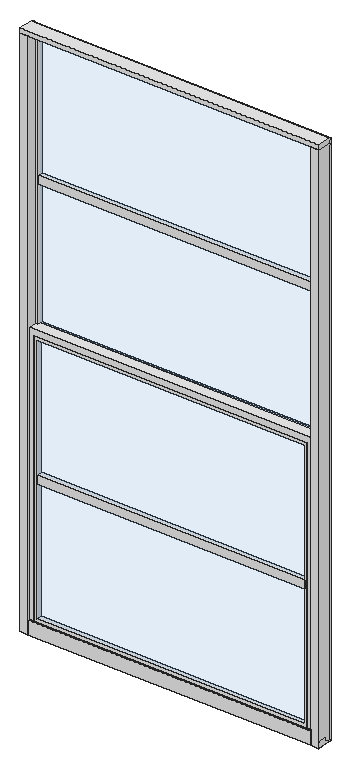
Revit family "Window_Curtain_Wall-Single_Hung-Traco-TR_9100-Heavy_Commercial", category Windows, Revit 2015
Parameters (values of type "TR-9100 - SH - Single Glazed")
  Window Width [instance] = if(CTRL Opening Width - Window Right Inset - Window Left Inset < Width Minimum, Width Minimum, if(CTRL Opening Width - Window Right Inset - Window Left Inset > Width Maximum, Width Maximum, CTRL Opening Width - Window Right Inset - Window Left Inset))  # 5' - 6 1/4"
  Window Top Inset [instance] = 0' - 0"
  Window Right Inset [instance] = 0' - 0"
  Window Muntin Type [instance] = Muntin-Grid-Traco-Lites : True
  Window Left Inset [instance] = 0' - 0"
  Window Height [instance] = if(CTRL Opening Height - Window Top Inset - Window Bottom Inset < Height Minimum, Height Minimum, if(CTRL Opening Height - Window Bottom Inset - Window Top Inset > Height Maximum, Height Maximum, CTRL Opening Height - Window Top Inset - Window Bottom Inset))  # 10' - 0"
  Window Bottom Inset [instance] = 0' - 0"
  Width Minimum = 2' - 0"
  Width Maximum = 10' - 0"
  Water Resistance = 15.0000 psf
  Uniform Load Structural = 75.0000 psf
  Uniform Load Deflection = 50.0000 psf
  URL = "http://www.alcoa.com/traco/en/home.asp"
  U Factor = ".45 Per NFRC 100"
  Type Comments = "Single Glazed"
  Test Size = "60\" X 99\""
  Sill Width = 0' - 3 1/2"
  Show Sill and Head [instance] = yes
  Screen Width [instance] = Window Width - (0' 1 3/4" * 2)  # 5' - 2 3/4"
  Screen Material = Aluminum - Traco - Screen
  Screen Height [instance] = CTRL Sash Bottom Height - (Rail Width / 2)  # 4' - 11"
  Sash Bottom Height [instance] = 1' - 6"
  Rail Width = 0' - 2"
  Product data url = "https://bimobject.com/kawneerna/product/91004"
  Product Page URL = "http://www.alcoa.com/traco/en/product.asp?cat_id=1905&prod_id=4193"
  Product Documentation Link = "http://www.alcoa.com/traco/cad/4193/010_CAD%20Files/010.pdf"
  Model = "TR-9100"
  Manufacturer = "Traco"  # constant formula
  Lite Top Height [instance] = 4' - 9.437"
  Keynote = "08500"
  Height Minimum = 2' - 0"
  Height Maximum = 10' - 0"
  Head Width = 0' - 1"
  Head Extension Right [instance] = 0' - 0"
  Head Extension Left [instance] = 0' - 0"
  Has Window Screen [instance] = no
  Has Unequal Sash [instance] = no
  Has Muntins = no
  Has Flange Frame = no
  Glazing Thickness = 0' - 0 1/4"
  Glazing Material = Glass - Traco - Clear
  Frame Material = Aluminum - Traco - Anodized - Gray
  Forced Entry Resistance = "TYPE A: GRADE 10"
  Designation = "AAMA/WDMA/CSA 101/I.S.2/A-440-05: H-AW50 And AAMA/WDMA/CSA 101/I.S.2/A-440-08: AW-PG50-H"
  Description = "Heavy Commercial, Single Hung, Side Load"  # constant formula
  Depth = 0' - 3 1/4"
  Copyright © = "2011 Traco"  # constant formula
  Condensation Resistance = 0.0000 psf
  CTRL Sash Bottom Height [instance] = if(Has Unequal Sash, Sash Bottom Height, Window Height / 2)  # 5' - 0"
  Interior Offset [instance] = 0' - 0"
  CTRL Opening Width [instance] = 5' - 6 1/4"
  CTRL Opening Height [instance] = 12' - 2"
  CTRL Head Right Extension [instance] = if(Has Flange Frame, 0' 0", Head Extension Right)  # 0' - 0"
  CTRL Head Left Extension [instance] = if(Has Flange Frame, 0' 0", Head Extension Left)  # 0' - 0"
  CTRL Flange Width = if(Has Flange Frame, 0' 2", 0' 0")  # 0' - 0"
  Exterior Offset [instance] = 0' - 0"
  Assembly Code = "B2020110"
  Allowable Air Infiltration Maximum = "0.3 @ 6.2 PSF"
Reference planes (in)
  plane 1 "Front": y = 0
  plane 2 "Original Ref. Plane": z = 0
  plane 3 "Center (Left/Right)": x = 0
  plane 4 "Left": x = -33.125
  plane 5 "Right": x = 33.125
  plane 6 "Top": z = 146
  plane 7 "Window Interior Offset": y = 0
  plane 8 "Window Center F/B": y = 0
  plane 9 "Exterior/Back": y = 1.625
  plane 10 "Interior/Front": y = -1.625
  plane 11 "Window Left": x = -33.125
  plane 12 "Window Right": x = 33.125
  plane 13 "Window Top": z = 120
  plane 14 "Flange Top": z = 120
  plane 15 "Head Bottom": z = 119
  plane 16 "Glass Pocket Bottom": z = 118.437
  plane 17 "Meeting Rail Center T/B": z = 60
  plane 18 "Meeting Rail Top": z = 61
  plane 19 "Meeting Rail Bottom": z = 59
  plane 20 "Top Muntin Center T/B": z = 89.7185
  plane 21 "Bottom Muntin Center T/B": z = 31.25
  plane 22 "Bottom Sash Glass B": z = 3.5
  plane 23 "Sash Frame Bottom": z = 2.937
  plane 24 "Bottom Glass Interior": y = -0.861
  plane 25 "Bottom Glass Exterior": y = -0.611
  plane 26 "Top Glass Exterior": y = 1.098
  plane 27 "Top Glass Interior": y = 0.848
  plane 28 "Frame Left": x = -31.3648
  plane 29 "Frame Right": x = 31.3648
  plane 30 "Flange Bottom": z = 0
  plane 31 "Flange Right": x = 33.125
  plane 32 "Flange Left": x = -33.125
  plane 33 "Flange Thickness": y = 1.5625
  plane 34 "Sill Slope Bottom": z = 0.24
  plane 35 "Sill Slope Top": z = 0.6811
  plane 36 "Sill Top": z = 1.3611
  plane 37 "Bottom Sash Exterior": y = 0.155
  plane 38 "Frame Right Inset": x = 29.75
  plane 39 "Frame Left Inset": x = -29.75
  plane 40 "Bottom Glass Interior Offset": y = -1.361
  plane 41 "Bottom Glass Exterior Offset": y = -0.111
  plane 42 "Top Glass Exterior Offset": y = 1.598
  plane 43 "Top Glass Interior Offset": y = 0.348
  plane 44 "Bottom Glass T": z = 59.563
  plane 45 "Top Glass B": z = 60.437
  plane 46 "Top Frame Right Inset": x = 30.8018
  plane 47 "Top Frame Left Inset": x = -30.8018
  plane 48 "Bottom Frame Right Inset": x = 30.313
  plane 49 "Bottom Frame Left Inset": x = -30.313
  plane 50 "Top Glass Center F/B": y = 0.973
  plane 51 "Bottom Glass Center F/B": y = -0.736
  plane 52 "Sill/Head Left Extension": x = -33.125
  plane 53 "Sill/Head Right Extension": x = 33.125
  plane 54 "Interior/Front Inset": y = -1.5625
  plane 55 "Window Bottom": z = 0
  plane 56 "Window Center (Left/Right)": x = 0
Forms (in)
  Sweep 1, solid, material "Aluminum - Traco - Anodized - Gray" <- "Frame Material"
    path origin (0, 0, 0.125) x (-1, 0, 0) y (0, 0, 1)
      loop
        line (0, -0.125) -> (0, 118.875)
    profile origin (0, 0, 59.5) x (1, 0, 0) y (0, 1, 0)
      loop
        line (-31.3648, -1.625) -> (-31.3648, 1.5625) -> (-33.125, 1.5625) -> (-33.125, -1.625) -> (-31.3648, -1.625)
      loop
        line (31.3648, -1.625) -> (33.125, -1.625) -> (33.125, 1.5625) -> (31.3648, 1.5625) -> (31.3648, -1.625)
  Sweep 2, solid, material "Aluminum - Traco - Anodized - Gray" <- "Frame Material"
    path origin (0, 0, 0) x (-1, 0, 0) y (0, 0, 1)
      loop
        line (-33.125, 0.24) -> (33.125, 0.24)
    profile origin (0, 0, 0.24) x (0, 0, 1) y (0, 1, 0)
      loop
        line (1.1211, -1.5625) -> (1.1211, 0.155) -> (0.4411, 0.155) -> (0.01875, 1.5625) -> (-0.24, 1.5625) -> (-0.24, -1.5625) -> (1.1211, -1.5625)
  Sweep 3, solid, material "Aluminum - Traco - Anodized - Gray" <- "Frame Material"
    path origin (-1.19115, 0, 71.94551) x (-1, 0, 0) y (0, 0, 1)
      loop
        line (-34.31615, 47.05449) -> (31.93385, 47.05449)
    profile origin (0, 0, 119) x (0, 0, 1) y (0, 1, 0)
      loop
        line (0, 1.5625) -> (0, -1.625) -> (1, -1.625) -> (1, 1.5625) -> (0, 1.5625)
  Sweep 4, solid, material "Aluminum - Traco - Anodized - Gray" <- "Frame Material"
    path origin (3.54143, 0, -0.40863) x (1, 0, 0) y (0, 0, 1)
      loop
        line (-3.54143, 0.64863) -> (-3.54143, 119.40863)
    profile origin (0, 0, 59.62) x (-1, 0, 0) y (0, -1, 0)
      loop
        line (31.3648, -1.5625) -> (31.3648, -1.625) -> (33.125, -1.625) -> (33.125, -1.5625) -> (31.3648, -1.5625)
      loop
        line (-31.3648, -1.5625) -> (-33.125, -1.5625) -> (-33.125, -1.625) -> (-31.3648, -1.625) -> (-31.3648, -1.5625)
  Sweep 5, solid, material "Aluminum - Traco - Anodized - Gray" <- "Frame Material", visible <- "Show Sill and Head"
    path origin (-0.2639, 0, -1.58341) x (-1, 0, 0) y (0, 0, 1)
      loop
        line (-33.3889, 1.58341) -> (32.8611, 1.58341)
    profile origin (0, 0, 0) x (0, 0, 1) y (0, 1, 0)
      loop
        line (0, 1.625) -> (0, 1.5625) -> (0.25875, 1.5625) -> (0.24, 1.625) -> (0, 1.625)
  Sweep 6, solid, material "Aluminum - Traco - Anodized - Gray" <- "Frame Material", visible <- "Show Sill and Head"
    path origin (-1.31088, 0, 70.30922) x (-1, 0, 0) y (0, 0, 1)
      loop
        line (-34.43588, 49.69078) -> (31.81412, 49.69078)
    profile origin (0, 0, 120) x (0, 0, 1) y (0, 1, 0)
      loop
        line (-1, 1.625) -> (-1, 1.5625) -> (0, 1.5625) -> (0, 1.625) -> (-1, 1.625)
  Sweep 7, solid, material "Aluminum - Traco - Anodized - Gray" <- "Frame Material"
    path origin (-0.05903, 0, 2.24309) x (-1, 0, 0) y (0, 0, 1)
      loop
        line (-31.42383, 0.69391) -> (31.30577, 0.69391)
    profile origin (0, 0, 2.937) x (0, 0, 1) y (0, 1, 0)
      loop
        line (-1.5759, 0.155) -> (-1.5759, -1.5625) -> (0, -1.5625) -> (0, 0.155) -> (-1.5759, 0.155)
  Sweep 8, solid, material "Aluminum - Traco - Anodized - Gray" <- "Frame Material", detail levels medium+fine
    path origin (0, -1.361, 0) x (-1, 0, 0) y (0, 0, 1)
      loop
        line (-29.75, 3.5) -> (29.75, 3.5) -> (29.75, 59) -> (-29.75, 59) -> (-29.75, 3.5)
    profile origin (0, -1.361, 3.5) x (0, 0, 1) y (0, 1, 0)
      loop
        line (-0.563, 0) -> (0, 0) -> (0, 1.25) -> (-0.563, 1.25) -> (-0.563, 0)
  Extrusion 9, solid, material "Glass - Traco - Clear" <- "Glazing Material"
    sketch origin (0, 0, 0) x (1, 0, 0) y (0, 0, 1)
      loop
        line (31.3648, 59.563) -> (-31.3648, 59.563) -> (-31.3648, 2.937) -> (31.3648, 2.937) -> (31.3648, 59.563)
    from 0.611 to 0.861
  Sweep 10, solid, material "Aluminum - Traco - Anodized - Gray" <- "Frame Material", detail levels medium+fine
    path origin (0, 1.598, 0) x (-1, 0, 0) y (0, 0, 1)
      loop
        line (-30.8018, 61) -> (-30.8018, 118.437) -> (30.8018, 118.437) -> (30.8018, 61)
    profile origin (0, 1.598, 118.437) x (0, 0, 1) y (0, 1, 0)
      loop
        line (0, -1.25) -> (0.563, -1.25) -> (0.563, 0) -> (0, 0) -> (0, -1.25)
  Extrusion 11, solid, material "Glass - Traco - Clear" <- "Glazing Material"
    sketch origin (-3, 0, 39) x (1, 0, 0) y (0, 0, 1)
      loop
        line (34.3648, 80) -> (-28.3648, 80) -> (-28.3648, 22) -> (34.3648, 22) -> (34.3648, 80)
    from -1.098 to -0.848
  Sweep 12, solid, material "Aluminum - Traco - Anodized - Gray" <- "Frame Material"
    path origin (0, 0, 0) x (1, 0, 0) y (0, 0, 1)
      loop
        line (31.3648, 60) -> (-31.3648, 60)
    profile origin (0, 0, 60) x (0, 0, -1) y (0, -1, 0)
      loop
        line (-1, 1.361) -> (-1, -1.598) -> (1, -1.598) -> (1, 0.111) -> (0.437, 0.111) -> (0.437, 1.361) -> (-1, 1.361)
  Sweep 13, solid, material "Aluminum - Traco - Anodized - Gray" <- "Frame Material"
    path origin (0.15765, 0, -0.40863) x (1, 0, 0) y (0, 0, 1)
      loop
        line (-0.15765, 1.76973) -> (-0.15765, 59.97163)
    profile origin (0, 0, 30.46205) x (-1, 0, 0) y (0, -1, 0)
      loop
        line (30.313, 1.361) -> (30.313, -0.155) -> (31.3648, -0.155) -> (31.3648, 1.361) -> (30.313, 1.361)
      loop
        line (-30.313, 1.361) -> (-31.3648, 1.361) -> (-31.3648, -0.155) -> (-30.313, -0.155) -> (-30.313, 1.361)
  Sweep 14, solid, material "Aluminum - Traco - Anodized - Gray" <- "Frame Material"
    path origin (0, 0, -0.00501) x (-1, 0, 0) y (0, 0, 1)
      loop
        line (-31.3648, 2.94201) -> (31.3648, 2.94201)
    profile origin (0, 0, 2.937) x (0, 0, 1) y (0, 1, 0)
      loop
        line (0, -1.625) -> (0, -1.5625) -> (-2.937, -1.5625) -> (-2.937, -1.625) -> (0, -1.625)
Cuts and joins
  joined: Sweep 7, Sweep 12, Sweep 13
  joined: Sweep 2, Sweep 14
Lines and regions (in)
  Masking region 1
    outline origin (0, 0, 0) x (-1, 0, 0) y (0, 0, 1)
      loop
        line (-33.125, 119) -> (-33.125, 0.24) -> (-31.3648, 0.24) -> (-31.3648, 119) -> (-33.125, 119)
      loop
        line (31.3648, 0.24) -> (33.125, 0.24) -> (33.125, 119) -> (31.3648, 119) -> (31.3648, 0.24)
  Masking region 2, visible <- "Show Sill and Head"
    outline origin (0, 0, 0) x (-1, 0, 0) y (0, 0, 1)
      loop
        line (-33.125, 120) -> (-33.125, 119) -> (33.125, 119) -> (33.125, 120) -> (-33.125, 120)
      loop
        line (33.125, 0) -> (33.125, 0.24) -> (-33.125, 0.24) -> (-33.125, 0) -> (33.125, 0)
  Masking region 3
    outline origin (0, 0, 0) x (-1, 0, 0) y (0, 0, 1)
      loop
        line (-31.3648, 61) -> (-31.3648, 59) -> (31.3648, 59) -> (31.3648, 61) -> (-31.3648, 61)
  Masking region 4
    outline origin (0, -1.361, 0) x (-1, 0, 0) y (0, 0, 1)
      loop
        line (-30.313, 2.937) -> (-30.313, 59.563) -> (-31.3648, 59.563) -> (-31.3648, 2.937) -> (-30.313, 2.937)
      loop
        line (30.313, 2.937) -> (31.3648, 2.937) -> (31.3648, 59.563) -> (30.313, 59.563) -> (30.313, 2.937)
  Masking region 5, detail levels medium+fine
    outline origin (0, -0.861, 0) x (-1, 0, 0) y (0, 0, 1)
      loop
        line (-30.313, 59.563) -> (-30.313, 2.937) -> (30.313, 2.937) -> (30.313, 59.563) -> (-30.313, 59.563)
      loop
        line (-29.75, 59) -> (-29.75, 3.5) -> (29.75, 3.5) -> (29.75, 59) -> (-29.75, 59)
  Masking region 6
    outline origin (0, -1.625, 0) x (-1, 0, 0) y (0, 0, 1)
      loop
        line (-31.3648, 2.937) -> (-31.3648, 0.24) -> (31.3648, 0.24) -> (31.3648, 2.937) -> (-31.3648, 2.937)
  Masking region 7, detail levels medium+fine
    outline origin (0, 1.098, 0) x (-1, 0, 0) y (0, 0, 1)
      loop
        line (-31.3648, 119) -> (-31.3648, 60.437) -> (31.3648, 60.437) -> (31.3648, 119) -> (-31.3648, 119)
      loop
        line (-30.8018, 118.437) -> (-30.8018, 61) -> (30.8018, 61) -> (30.8018, 118.437) -> (-30.8018, 118.437)
  Masking region 8
    outline origin (0, 0.848, 0) x (-1, 0, 0) y (0, 0, 1)
      loop
        line (31.3648, 60.437) -> (31.3648, 119) -> (-31.3648, 119) -> (-31.3648, 60.437) -> (31.3648, 60.437)
  Masking region 9
    outline origin (0, -0.611, 0) x (-1, 0, 0) y (0, 0, 1)
      loop
        line (30.313, 2.937) -> (30.313, 59.563) -> (-30.313, 59.563) -> (-30.313, 2.937) -> (30.313, 2.937)
  Masking region 10
    outline origin (0, 0, 0) x (0, 1, 0) y (0, 0, 1)
      loop
        line (1.625, 0) -> (1.625, 120) -> (-1.625, 120) -> (-1.625, 0) -> (1.625, 0)
  Masking region 11
    outline origin (0, 0, 60) x (1, 0, 0) y (0, 1, 0)
      loop
        line (33.125, -1.625) -> (33.125, 1.625) -> (-33.125, 1.625) -> (-33.125, -1.625) -> (33.125, -1.625)
  Split face 1
    outline origin (31.3648, 1.598, 61) x (-1, 0, 0) y (0, -1, 0)
      loop
        line (62.7296, 0.75) -> (0, 0.75)
      loop
        line (62.7296, 1.25) -> (0, 1.25)
  symbolic lines, style "WindowsFrameMullionProjection", detail levels medium+fine
    curve 1: line (29.75, -0.611, 59) -> (29.75, -0.611, 3.5)
    curve 2: line (29.75, -0.611, 3.5) -> (-29.75, -0.611, 3.5)
    curve 3: line (-29.75, -0.611, 3.5) -> (-29.75, -0.611, 59)
  symbolic lines, style "WindowsSillHeadProjection"
    curve 4: line (0, -1.625, 120) -> (0, 1.625, 120)
    curve 5: line (0, -1.625, 119) -> (0, -1.625, 120)
    curve 6: line (0, 1.625, 119) -> (0, -1.625, 119)
    curve 7: line (0, 1.625, 120) -> (0, 1.625, 119)
    curve 8: line (0, -1.625, 2.937) -> (0, 0.155, 2.937)
    curve 9: line (0, 0.155, 2.937) -> (0, 0.155, 0.6811)
    curve 10: line (0, 0.155, 0.6811) -> (0, 1.625, 0.24)
    curve 11: line (0, 1.625, 0.24) -> (0, 1.625, 0)
    curve 12: line (0, 1.625, 0) -> (0, -1.625, 0)
    curve 13: line (0, -1.625, 0) -> (0, -1.625, 2.937)
  symbolic lines, style "WindowsGlassProjection", detail levels medium+fine
    curve 14: line (0, 0.848, 119) -> (0, 0.848, 60.437)
    curve 15: line (0, 1.098, 119) -> (0, 1.098, 60.437)
    curve 16: line (0, -0.861, 59.563) -> (0, -0.861, 2.937)
    curve 17: line (0, -0.611, 59.563) -> (0, -0.611, 2.937)
    curve 52: line (31.3648, 1.098, 60) -> (-31.3648, 1.098, 60)
    curve 53: line (-31.3648, 0.848, 60) -> (31.3648, 0.848, 60)
    curve 55: line (30.313, -0.611, 60) -> (-30.313, -0.611, 60)
    curve 56: line (-30.313, -0.861, 60) -> (30.313, -0.861, 60)
  symbolic lines, style "WindowsGlassProjection", detail levels coarse
    curve 18: line (0, 0.973, 119) -> (0, 0.973, 60.437)
    curve 19: line (0, -0.736, 59.563) -> (0, -0.736, 2.937)
    curve 54: line (-31.3648, 0.973, 60) -> (31.3648, 0.973, 60)
    curve 57: line (-30.313, -0.736, 60) -> (30.313, -0.736, 60)
  symbolic lines, style "WindowsFrameMullionProjection", detail levels fine
    curve 20: line (0, -1.361, 59.563) -> (0, -1.361, 59)
    curve 21: line (0, -1.361, 59) -> (0, -0.861, 59)
    curve 22: line (0, -0.611, 59) -> (0, -0.111, 59)
    curve 23: line (0, -0.111, 59) -> (0, -0.111, 59.563)
    curve 24: line (0, 0.348, 60.437) -> (0, 0.348, 61)
    curve 25: line (0, 0.348, 61) -> (0, 0.848, 61)
    curve 26: line (0, 1.098, 61) -> (0, 1.598, 61)
    curve 27: line (0, 1.598, 61) -> (0, 1.598, 60.437)
    curve 28: line (0, 0.348, 119) -> (0, 0.348, 118.437)
    curve 29: line (0, 0.348, 118.437) -> (0, 0.848, 118.437)
    curve 30: line (0, 1.098, 118.437) -> (0, 1.598, 118.437)
    curve 31: line (0, 1.598, 118.437) -> (0, 1.598, 119)
    curve 32: line (0, -1.361, 2.937) -> (0, -1.361, 3.5)
    curve 33: line (0, -1.361, 3.5) -> (0, -0.861, 3.5)
    curve 34: line (0, -0.611, 3.5) -> (0, -0.111, 3.5)
    curve 35: line (0, -0.111, 3.5) -> (0, -0.111, 2.937)
    curve 58: line (-31.3648, 1.598, 60) -> (-30.8018, 1.598, 60)
    curve 59: line (-30.8018, 1.598, 60) -> (-30.8018, 1.098, 60)
    curve 60: line (-31.3648, 0.348, 60) -> (-30.8018, 0.348, 60)
    curve 61: line (-30.8018, 0.348, 60) -> (-30.8018, 0.848, 60)
    curve 62: line (31.3648, 0.348, 60) -> (30.8018, 0.348, 60)
    curve 63: line (30.8018, 0.348, 60) -> (30.8018, 0.848, 60)
    curve 64: line (31.3648, 1.598, 60) -> (30.8018, 1.598, 60)
    curve 65: line (30.8018, 1.598, 60) -> (30.8018, 1.098, 60)
    curve 70: line (-30.313, -0.111, 60) -> (-29.75, -0.111, 60)
    curve 71: line (-29.75, -0.111, 60) -> (-29.75, -0.611, 60)
    curve 72: line (-30.313, -1.361, 60) -> (-29.75, -1.361, 60)
    curve 73: line (-29.75, -1.361, 60) -> (-29.75, -0.861, 60)
    curve 78: line (30.313, -0.111, 60) -> (29.75, -0.111, 60)
    curve 79: line (29.75, -0.111, 60) -> (29.75, -0.611, 60)
    curve 80: line (30.313, -1.361, 60) -> (29.75, -1.361, 60)
    curve 81: line (29.75, -1.361, 60) -> (29.75, -0.861, 60)
  symbolic lines, style "WindowsFrameMullionProjection"
    curve 36: line (0, -1.361, 61) -> (0, 0.348, 61)
    curve 37: line (0, 0.348, 61) -> (0, 0.348, 60.437)
    curve 38: line (0, 0.348, 60.437) -> (0, 1.598, 60.437)
    curve 39: line (0, 1.598, 60.437) -> (0, 1.598, 59)
    curve 40: line (0, 1.598, 59) -> (0, -0.111, 59)
    curve 41: line (0, -0.111, 59) -> (0, -0.111, 59.563)
    curve 42: line (0, -0.111, 59.563) -> (0, -1.361, 59.563)
    curve 43: line (0, -1.361, 59.563) -> (0, -1.361, 61)
    curve 44: line (-31.3648, -1.625, 60) -> (-33.125, -1.625, 60)
    curve 45: line (-31.3648, 1.625, 60) -> (-31.3648, -1.625, 60)
    curve 46: line (-33.125, 1.625, 60) -> (-31.3648, 1.625, 60)
    curve 47: line (-33.125, -1.625, 60) -> (-33.125, 1.625, 60)
    curve 48: line (33.125, -1.625, 60) -> (31.3648, -1.625, 60)
    curve 49: line (33.125, 1.625, 60) -> (33.125, -1.625, 60)
    curve 50: line (31.3648, 1.625, 60) -> (33.125, 1.625, 60)
    curve 51: line (31.3648, -1.625, 60) -> (31.3648, 1.625, 60)
    curve 66: line (-30.313, -1.361, 60) -> (-31.3648, -1.361, 60)
    curve 67: line (-30.313, 0, 60) -> (-30.313, -1.361, 60)
    curve 68: line (-31.3648, 0, 60) -> (-30.313, 0, 60)
    curve 69: line (-31.3648, -1.361, 60) -> (-31.3648, 0, 60)
    curve 74: line (30.313, -1.361, 60) -> (31.3648, -1.361, 60)
    curve 75: line (30.313, 0, 60) -> (30.313, -1.361, 60)
    curve 76: line (31.3648, 0, 60) -> (30.313, 0, 60)
    curve 77: line (31.3648, -1.361, 60) -> (31.3648, 0, 60)
  symbolic lines, style "WindowsOpeningProjection", detail levels fine
    curve 82: line (0, 0, 26.375) -> (0, 0, 36.125)
    curve 83: line (0, 0, 36.125) -> (1, 0, 34.39295)
    curve 84: line (0, 0, 36.125) -> (-1, 0, 34.39295)
Text (in)
  text "Exterior" at (-54.29358, 31.38743, 0), in view "Ref. Level"
  text "Exterior" at (480, 41.53993, 89.60405), in view "Right"
  text "Exterior" at (-240, 57.82419, 105.78864), in view "Left"
Dimensions and locks (in)
  equal spacing: plane 4 "Left", plane 3 "Center (Left/Right)", plane 5 "Right"
  "Interior Offset": plane 7 "Window Interior Offset" to plane 1 "Front"
  "Exterior Offset": plane 8 "Window Center F/B" to plane 7 "Window Interior Offset"
  equal spacing: plane 9 "Exterior/Back", plane 8 "Window Center F/B", plane 10 "Interior/Front"
  "Depth": plane 9 "Exterior/Back" to plane 10 "Interior/Front"
  "Head Width": plane 15 "Head Bottom" to plane 13 "Window Top"
  locked: plane 16 "Glass Pocket Bottom" to plane 15 "Head Bottom" at 0.563
  equal spacing: plane 19 "Meeting Rail Bottom", plane 17 "Meeting Rail Center T/B", plane 18 "Meeting Rail Top"
  equal spacing: plane 18 "Meeting Rail Top", plane 20 "Top Muntin Center T/B", plane 16 "Glass Pocket Bottom"
  "Glazing Thickness": plane 24 "Bottom Glass Interior" to plane 25 "Bottom Glass Exterior"
  "Glazing Thickness": plane 27 "Top Glass Interior" to plane 26 "Top Glass Exterior"
  "Rail Width": plane 19 "Meeting Rail Bottom" to plane 18 "Meeting Rail Top"
  locked: plane 29 "Frame Right" to plane 12 "Window Right" at 1.7602
  locked: plane 11 "Window Left" to plane 28 "Frame Left" at 1.7602
  "CTRL Flange Width": plane 12 "Window Right" to plane 31 "Flange Right"
  "CTRL Flange Width": plane 32 "Flange Left" to plane 11 "Window Left"
  "CTRL Flange Width": plane 30 "Flange Bottom" to plane 55 "Window Bottom"
  locked: plane 9 "Exterior/Back" to plane 33 "Flange Thickness" at 0.0625
  locked: plane 55 "Window Bottom" to plane 34 "Sill Slope Bottom" at 0.24
  locked: plane 34 "Sill Slope Bottom" to plane 35 "Sill Slope Top" at 0.4411
  locked: plane 35 "Sill Slope Top" to plane 36 "Sill Top" at 0.68
  "Sill Width": plane 55 "Window Bottom" to plane 22 "Bottom Sash Glass B"
  locked: plane 38 "Frame Right Inset" to plane 12 "Window Right" at 3.375
  locked: plane 11 "Window Left" to plane 39 "Frame Left Inset" at 3.375
  locked: plane 23 "Sash Frame Bottom" to plane 22 "Bottom Sash Glass B" at 0.563
  locked: plane 44 "Bottom Glass T" to plane 19 "Meeting Rail Bottom" at 0.563
  locked: plane 18 "Meeting Rail Top" to plane 45 "Top Glass B" at 0.563
  locked: plane 46 "Top Frame Right Inset" to plane 29 "Frame Right" at 0.563
  locked: plane 28 "Frame Left" to plane 47 "Top Frame Left Inset" at 0.563
  "CTRL Sash Bottom Height": plane 55 "Window Bottom" to plane 17 "Meeting Rail Center T/B"
  equal spacing: plane 22 "Bottom Sash Glass B", plane 21 "Bottom Muntin Center T/B", plane 19 "Meeting Rail Bottom"
  locked: plane 38 "Frame Right Inset" to plane 48 "Bottom Frame Right Inset" at 0.563
  locked: plane 49 "Bottom Frame Left Inset" to plane 39 "Frame Left Inset" at 0.563
  locked: plane 10 "Interior/Front" to plane 51 "Bottom Glass Center F/B" at 0.889
  locked: plane 50 "Top Glass Center F/B" to plane 9 "Exterior/Back" at 0.652
  equal spacing: plane 27 "Top Glass Interior", plane 50 "Top Glass Center F/B", plane 26 "Top Glass Exterior"
  equal spacing: plane 24 "Bottom Glass Interior", plane 51 "Bottom Glass Center F/B", plane 25 "Bottom Glass Exterior"
  plane 40 "Bottom Glass Interior Offset" to plane 51 "Bottom Glass Center F/B" to plane 41 "Bottom Glass Exterior Offset" = 0' - 0 5/8" locked, 0' - 0 5/8" locked
  plane 43 "Top Glass Interior Offset" to plane 50 "Top Glass Center F/B" to plane 42 "Top Glass Exterior Offset" = 0' - 0 5/8" locked, 0' - 0 5/8" locked
  locked: plane 10 "Interior/Front" to plane 37 "Bottom Sash Exterior" at 1.78
  "CTRL Head Right Extension": plane 31 "Flange Right" to plane 53 "Sill/Head Right Extension"
  "CTRL Head Left Extension": plane 52 "Sill/Head Left Extension" to plane 32 "Flange Left"
  locked: plane 10 "Interior/Front" to plane 54 "Interior/Front Inset" at 0.0625
  "Window Right Inset": plane 12 "Window Right" to plane 5 "Right"
  "Window Bottom Inset": plane 2 "Original Ref. Plane" to plane 55 "Window Bottom"
  "CTRL Flange Width": plane 13 "Window Top" to plane 14 "Flange Top"
  "CTRL Opening Height": plane 2 "Original Ref. Plane" to plane 6 "Top"
  "CTRL Opening Width": plane 4 "Left" to plane 5 "Right"
  plane 6 "Top" to Extrusion 11 = 2' - 3"
  plane 22 "Bottom Sash Glass B" to plane 19 "Meeting Rail Bottom" = 4' - 7 1/2"
  "Window Height": plane 55 "Window Bottom" to plane 13 "Window Top"
  "Lite Top Height": plane 18 "Meeting Rail Top" to plane 16 "Glass Pocket Bottom"
  "Window Width": plane 11 "Window Left" to plane 12 "Window Right"
  equal spacing: plane 11 "Window Left", plane 56 "Window Center (Left/Right)", plane 12 "Window Right"
  curve 82 to plane 21 "Bottom Muntin Center T/B" to curve 82 = 0' - 4 7/8" locked, 0' - 4 7/8" locked
  aligned and locked: level to plane 2 "Original Ref. Plane"
  aligned and locked: Sweep 1 sketch curve to plane 3 "Center (Left/Right)"
  aligned: plane 15 "Head Bottom" to Sweep 1 sketch curve
  aligned and locked: plane 33 "Flange Thickness" to Sweep 1 sketch curve
  aligned and locked: plane 11 "Window Left" to Sweep 1 sketch curve
  aligned and locked: Sweep 1 sketch curve to plane 28 "Frame Left"
  aligned and locked: Sweep 1 sketch curve to plane 10 "Interior/Front"
  aligned and locked: plane 12 "Window Right" to Sweep 1 sketch curve
  aligned and locked: Sweep 1 sketch curve to plane 29 "Frame Right"
  aligned and locked: plane 10 "Interior/Front" to Sweep 1 sketch curve
  aligned and locked: Sweep 1 sketch curve to plane 33 "Flange Thickness"
  aligned and locked: Sweep 2 sketch curve to plane 34 "Sill Slope Bottom"
  aligned and locked: plane 11 "Window Left" to Sweep 2 sketch curve
  aligned and locked: plane 12 "Window Right" to Sweep 2 sketch curve
  aligned and locked: plane 37 "Bottom Sash Exterior" to Sweep 2 sketch curve
  aligned and locked: plane 36 "Sill Top" to Sweep 2 sketch curve
  aligned and locked: Sweep 2 sketch curve to plane 35 "Sill Slope Top"
  aligned and locked: plane 11 "Window Left" to Sweep 3 sketch curve
  aligned and locked: plane 12 "Window Right" to Sweep 3 sketch curve
  aligned and locked: Sweep 3 sketch curve to plane 15 "Head Bottom"
  aligned and locked: plane 10 "Interior/Front" to Sweep 3 sketch curve
  aligned and locked: plane 15 "Head Bottom" to Sweep 3 sketch curve
  aligned and locked: Sweep 3 sketch curve to plane 33 "Flange Thickness"
  aligned and locked: Sweep 4 sketch curve to plane 3 "Center (Left/Right)"
  aligned and locked: plane 34 "Sill Slope Bottom" to Sweep 4 sketch curve
  aligned and locked: plane 9 "Exterior/Back" to Sweep 4 sketch curve
  aligned and locked: plane 29 "Frame Right" to Sweep 4 sketch curve
  aligned and locked: Sweep 4 sketch curve to plane 33 "Flange Thickness"
  aligned and locked: Sweep 4 sketch curve to plane 9 "Exterior/Back"
  aligned and locked: plane 33 "Flange Thickness" to Sweep 4 sketch curve
  aligned and locked: plane 28 "Frame Left" to Sweep 4 sketch curve
  aligned and locked: plane 15 "Head Bottom" to Sweep 4 sketch curve
  aligned and locked: Sweep 4 sketch curve to plane 32 "Flange Left"
  aligned and locked: Sweep 4 sketch curve to plane 31 "Flange Right"
  aligned and locked: Sweep 2 sketch curve to plane 33 "Flange Thickness"
  aligned and locked: Sweep 5 sketch curve to plane 30 "Flange Bottom"
  aligned and locked: Sweep 5 sketch curve to Sweep 2
  aligned and locked: plane 34 "Sill Slope Bottom" to Sweep 5 sketch curve
  aligned and locked: plane 33 "Flange Thickness" to Sweep 5 sketch curve  (x2)
  aligned and locked: Sweep 5 sketch curve to plane 9 "Exterior/Back"
  aligned and locked: plane 30 "Flange Bottom" to Sweep 5 sketch curve
  aligned and locked: Sweep 6 sketch curve to plane 14 "Flange Top"  (x2)
  aligned and locked: Sweep 6 sketch curve to plane 9 "Exterior/Back"
  aligned and locked: plane 15 "Head Bottom" to Sweep 6 sketch curve
  aligned and locked: plane 33 "Flange Thickness" to Sweep 6 sketch curve
  aligned and locked: Sweep 7 sketch curve to plane 23 "Sash Frame Bottom"  (x2)
  aligned and locked: Sweep 7 sketch curve to plane 37 "Bottom Sash Exterior"
  aligned and locked: plane 36 "Sill Top" to Sweep 7 sketch curve
  aligned and locked: Sweep 8 sketch curve to plane 22 "Bottom Sash Glass B"  (x2)
  aligned and locked: Sweep 8 sketch curve to plane 41 "Bottom Glass Exterior Offset"
  aligned and locked: plane 23 "Sash Frame Bottom" to Sweep 8 sketch curve
  aligned and locked: plane 40 "Bottom Glass Interior Offset" to Sweep 8 sketch curve
  aligned and locked: plane 23 "Sash Frame Bottom" to Extrusion 9 sketch curve
  aligned and locked: Extrusion 9 sketch curve to plane 28 "Frame Left"
  aligned and locked: plane 29 "Frame Right" to Extrusion 9 sketch curve
  aligned and locked: Extrusion 9 to plane 24 "Bottom Glass Interior"
  aligned and locked: plane 25 "Bottom Glass Exterior" to Extrusion 9
  aligned and locked: Sweep 8 sketch curve to plane 38 "Frame Right Inset"
  aligned and locked: plane 39 "Frame Left Inset" to Sweep 8 sketch curve
  aligned and locked: plane 19 "Meeting Rail Bottom" to Sweep 8 sketch curve
  aligned and locked: Sweep 8 to Extrusion 9
  aligned and locked: Sweep 10 sketch curve to plane 16 "Glass Pocket Bottom"  (x2)
  aligned and locked: plane 15 "Head Bottom" to Sweep 10 sketch curve
  aligned and locked: profile plane to Sweep 10 sketch curve
  aligned and locked: Sweep 10 sketch curve to plane 43 "Top Glass Interior Offset"
  aligned and locked: Extrusion 11 sketch curve to plane 15 "Head Bottom"
  aligned and locked: Extrusion 11 sketch curve to plane 28 "Frame Left"
  aligned and locked: plane 29 "Frame Right" to Extrusion 11 sketch curve
  aligned and locked: plane 26 "Top Glass Exterior" to Extrusion 11
  aligned and locked: Extrusion 11 to plane 27 "Top Glass Interior"
  aligned and locked: plane 28 "Frame Left" to Sweep 12 sketch curve
  aligned and locked: plane 29 "Frame Right" to Sweep 12 sketch curve
  aligned and locked: Sweep 12 sketch curve to plane 17 "Meeting Rail Center T/B"
  aligned and locked: plane 40 "Bottom Glass Interior Offset" to Sweep 12 sketch curve
  aligned and locked: Sweep 12 sketch curve to plane 18 "Meeting Rail Top"
  aligned and locked: Sweep 12 sketch curve to plane 42 "Top Glass Exterior Offset"
  aligned and locked: plane 19 "Meeting Rail Bottom" to Sweep 12 sketch curve
  aligned and locked: plane 41 "Bottom Glass Exterior Offset" to Sweep 12 sketch curve
  aligned and locked: plane 44 "Bottom Glass T" to Sweep 12 sketch curve
  aligned and locked: plane 46 "Top Frame Right Inset" to Sweep 10 sketch curve
  aligned and locked: Sweep 10 sketch curve to plane 47 "Top Frame Left Inset"
  aligned and locked: plane 36 "Sill Top" to Sweep 13 sketch curve
  aligned and locked: Sweep 13 sketch curve to plane 3 "Center (Left/Right)"
  aligned and locked: plane 40 "Bottom Glass Interior Offset" to Sweep 13 sketch curve
  aligned and locked: Sweep 13 sketch curve to Sweep 8  (x2)
  aligned and locked: Sweep 13 sketch curve to plane 28 "Frame Left"
  aligned and locked: Sweep 13 sketch curve to plane 40 "Bottom Glass Interior Offset"
  aligned and locked: Sweep 13 sketch curve to plane 29 "Frame Right"
  aligned and locked: plane 44 "Bottom Glass T" to Sweep 13 sketch curve
  aligned and locked: plane 15 "Head Bottom" to Masking region 1 sketch curve
  aligned and locked: plane 32 "Flange Left" to Masking region 1 sketch curve
  aligned and locked: Masking region 1 sketch curve to plane 28 "Frame Left"
  aligned and locked: Masking region 1 sketch curve to plane 34 "Sill Slope Bottom"
  aligned and locked: plane 34 "Sill Slope Bottom" to Masking region 1 sketch curve
  aligned and locked: Masking region 1 sketch curve to plane 29 "Frame Right"
  aligned and locked: plane 31 "Flange Right" to Masking region 1 sketch curve
  aligned and locked: Masking region 1 sketch curve to plane 15 "Head Bottom"
  aligned and locked: Masking region 2 sketch curve to plane 14 "Flange Top"
  aligned and locked: plane 15 "Head Bottom" to Masking region 2 sketch curve
  aligned and locked: Masking region 2 sketch curve to plane 34 "Sill Slope Bottom"
  aligned and locked: plane 30 "Flange Bottom" to Masking region 2 sketch curve
  aligned and locked: Masking region 3 sketch curve to plane 18 "Meeting Rail Top"
  aligned and locked: Masking region 3 sketch curve to plane 28 "Frame Left"
  aligned and locked: plane 29 "Frame Right" to Masking region 3 sketch curve
  aligned and locked: plane 19 "Meeting Rail Bottom" to Masking region 3 sketch curve
  aligned and locked: Masking region 4 sketch curve to plane 44 "Bottom Glass T"
  aligned and locked: plane 29 "Frame Right" to Masking region 4 sketch curve
  aligned and locked: Masking region 4 sketch curve to plane 48 "Bottom Frame Right Inset"
  aligned and locked: plane 44 "Bottom Glass T" to Masking region 4 sketch curve
  aligned and locked: Masking region 4 sketch curve to plane 49 "Bottom Frame Left Inset"
  aligned and locked: plane 28 "Frame Left" to Masking region 4 sketch curve
  aligned and locked: plane 23 "Sash Frame Bottom" to Masking region 5 sketch curve
  aligned and locked: Masking region 5 sketch curve to plane 49 "Bottom Frame Left Inset"
  aligned and locked: plane 48 "Bottom Frame Right Inset" to Masking region 5 sketch curve
  aligned and locked: Masking region 5 sketch curve to plane 44 "Bottom Glass T"
  aligned and locked: plane 22 "Bottom Sash Glass B" to Masking region 5 sketch curve
  aligned and locked: Masking region 5 sketch curve to plane 39 "Frame Left Inset"
  aligned and locked: plane 38 "Frame Right Inset" to Masking region 5 sketch curve
  aligned and locked: Masking region 5 sketch curve to plane 19 "Meeting Rail Bottom"
  aligned and locked: plane 29 "Frame Right" to Sweep 7 sketch curve
  aligned and locked: plane 28 "Frame Left" to Sweep 7 sketch curve
  aligned and locked: plane 34 "Sill Slope Bottom" to Masking region 6 sketch curve
  aligned and locked: Masking region 6 sketch curve to plane 23 "Sash Frame Bottom"
  aligned and locked: plane 29 "Frame Right" to Masking region 6 sketch curve
  aligned and locked: Masking region 7 sketch curve to plane 15 "Head Bottom"
  aligned and locked: plane 29 "Frame Right" to Masking region 7 sketch curve
  aligned and locked: plane 46 "Top Frame Right Inset" to Masking region 7 sketch curve
  aligned and locked: Masking region 7 sketch curve to plane 16 "Glass Pocket Bottom"
  aligned and locked: Masking region 7 sketch curve to plane 28 "Frame Left"
  aligned and locked: Masking region 7 sketch curve to plane 47 "Top Frame Left Inset"
  aligned and locked: plane 45 "Top Glass B" to Masking region 7 sketch curve
  aligned and locked: plane 18 "Meeting Rail Top" to Masking region 7 sketch curve
  aligned and locked: Masking region 6 sketch curve to plane 28 "Frame Left"
  aligned and locked: plane 23 "Sash Frame Bottom" to Masking region 4 sketch curve
  aligned and locked: Masking region 4 sketch curve to plane 23 "Sash Frame Bottom"
  aligned and locked: Masking region 8 sketch curve to plane 15 "Head Bottom"
  aligned and locked: plane 29 "Frame Right" to Masking region 8 sketch curve
  aligned and locked: plane 45 "Top Glass B" to Masking region 8 sketch curve
  aligned and locked: Masking region 8 sketch curve to plane 28 "Frame Left"
  aligned and locked: Masking region 9 sketch curve to plane 44 "Bottom Glass T"
  aligned and locked: plane 48 "Bottom Frame Right Inset" to Masking region 9 sketch curve
  aligned and locked: Masking region 9 sketch curve to plane 49 "Bottom Frame Left Inset"
  aligned and locked: plane 23 "Sash Frame Bottom" to Masking region 9 sketch curve
  aligned and locked: plane 19 "Meeting Rail Bottom" to curve 1
  aligned and locked: plane 19 "Meeting Rail Bottom" to curve 3
  aligned and locked: curve 2 to plane 22 "Bottom Sash Glass B"
  aligned and locked: plane 39 "Frame Left Inset" to curve 3
  aligned and locked: curve 1 to plane 38 "Frame Right Inset"
  aligned and locked: Masking region 10 sketch curve to plane 13 "Window Top"
  aligned and locked: Masking region 10 sketch curve to plane 9 "Exterior/Back"
  aligned and locked: plane 10 "Interior/Front" to Masking region 10 sketch curve
  aligned and locked: curve 11 to plane 9 "Exterior/Back"
  aligned and locked: plane 34 "Sill Slope Bottom" to curve 11
  aligned and locked: plane 35 "Sill Slope Top" to curve 10
  aligned and locked: curve 9 to plane 37 "Bottom Sash Exterior"
  aligned and locked: plane 10 "Interior/Front" to curve 13
  aligned and locked: curve 8 to plane 23 "Sash Frame Bottom"
  aligned and locked: curve 7 to plane 9 "Exterior/Back"
  aligned and locked: plane 10 "Interior/Front" to curve 5
  aligned and locked: plane 14 "Flange Top" to curve 7
  aligned and locked: curve 16 to plane 24 "Bottom Glass Interior"
  aligned and locked: curve 17 to plane 25 "Bottom Glass Exterior"
  aligned and locked: plane 44 "Bottom Glass T" to curve 17
  aligned and locked: plane 45 "Top Glass B" to curve 14
  aligned and locked: plane 15 "Head Bottom" to curve 15
  aligned and locked: curve 18 to plane 50 "Top Glass Center F/B"
  aligned and locked: curve 19 to plane 51 "Bottom Glass Center F/B"
  aligned and locked: plane 44 "Bottom Glass T" to curve 23
  aligned and locked: plane 24 "Bottom Glass Interior" to curve 21
  aligned and locked: curve 21 to plane 19 "Meeting Rail Bottom"
  aligned and locked: curve 22 to plane 19 "Meeting Rail Bottom"
  aligned and locked: curve 27 to plane 42 "Top Glass Exterior Offset"
  aligned and locked: plane 27 "Top Glass Interior" to curve 25
  aligned and locked: plane 26 "Top Glass Exterior" to curve 26
  aligned and locked: curve 26 to plane 18 "Meeting Rail Top"
  aligned and locked: plane 43 "Top Glass Interior Offset" to curve 24
  aligned and locked: curve 25 to plane 18 "Meeting Rail Top"
  aligned and locked: plane 15 "Head Bottom" to curve 31
  aligned and locked: plane 42 "Top Glass Exterior Offset" to curve 31
  aligned and locked: plane 26 "Top Glass Exterior" to curve 30
  aligned and locked: curve 30 to plane 16 "Glass Pocket Bottom"
  aligned and locked: plane 27 "Top Glass Interior" to curve 29
  aligned and locked: curve 28 to plane 43 "Top Glass Interior Offset"
  aligned and locked: curve 29 to plane 16 "Glass Pocket Bottom"
  aligned and locked: plane 23 "Sash Frame Bottom" to curve 32
  aligned and locked: curve 35 to plane 41 "Bottom Glass Exterior Offset"
  aligned and locked: plane 25 "Bottom Glass Exterior" to curve 34
  aligned and locked: curve 34 to plane 22 "Bottom Sash Glass B"
  aligned and locked: plane 40 "Bottom Glass Interior Offset" to curve 32
  aligned and locked: curve 33 to plane 22 "Bottom Sash Glass B"
  aligned and locked: curve 36 to plane 18 "Meeting Rail Top"
  aligned and locked: plane 40 "Bottom Glass Interior Offset" to curve 43
  aligned and locked: plane 41 "Bottom Glass Exterior Offset" to curve 41
  aligned and locked: plane 19 "Meeting Rail Bottom" to curve 40
  aligned and locked: curve 39 to plane 42 "Top Glass Exterior Offset"
  aligned and locked: curve 38 to plane 45 "Top Glass B"
  aligned and locked: curve 37 to plane 43 "Top Glass Interior Offset"
  aligned and locked: Masking region 11 sketch curve to plane 11 "Window Left"
  aligned and locked: plane 10 "Interior/Front" to Masking region 11 sketch curve
  aligned and locked: Masking region 11 sketch curve to plane 9 "Exterior/Back"
  aligned and locked: plane 12 "Window Right" to Masking region 11 sketch curve
  aligned and locked: plane 10 "Interior/Front" to curve 44
  aligned and locked: plane 28 "Frame Left" to curve 45
  aligned and locked: plane 32 "Flange Left" to curve 46
  aligned and locked: curve 46 to plane 9 "Exterior/Back"
  aligned and locked: curve 51 to plane 29 "Frame Right"
  aligned and locked: plane 10 "Interior/Front" to curve 48
  aligned and locked: plane 31 "Flange Right" to curve 50
  aligned and locked: curve 50 to plane 9 "Exterior/Back"
  aligned and locked: curve 54 to plane 50 "Top Glass Center F/B"
  aligned and locked: curve 56 to plane 24 "Bottom Glass Interior"
  aligned and locked: curve 57 to plane 51 "Bottom Glass Center F/B"
  aligned and locked: plane 25 "Bottom Glass Exterior" to curve 55
  aligned and locked: plane 26 "Top Glass Exterior" to curve 59
  aligned and locked: curve 58 to plane 42 "Top Glass Exterior Offset"
  aligned and locked: plane 28 "Frame Left" to curve 58
  aligned and locked: plane 47 "Top Frame Left Inset" to curve 59
  aligned and locked: plane 27 "Top Glass Interior" to curve 61
  aligned and locked: curve 60 to plane 43 "Top Glass Interior Offset"
  aligned and locked: curve 61 to plane 47 "Top Frame Left Inset"
  aligned and locked: plane 29 "Frame Right" to curve 64
  aligned and locked: plane 43 "Top Glass Interior Offset" to curve 62
  aligned and locked: plane 26 "Top Glass Exterior" to curve 65
  aligned and locked: plane 42 "Top Glass Exterior Offset" to curve 64
  aligned and locked: plane 46 "Top Frame Right Inset" to curve 65
  aligned and locked: plane 27 "Top Glass Interior" to curve 63
  aligned and locked: curve 63 to plane 46 "Top Frame Right Inset"
  aligned and locked: curve 68 to plane 8 "Window Center F/B"
  aligned and locked: curve 69 to plane 28 "Frame Left"
  aligned and locked: plane 49 "Bottom Frame Left Inset" to curve 67
  aligned and locked: plane 49 "Bottom Frame Left Inset" to curve 72
  aligned and locked: plane 24 "Bottom Glass Interior" to curve 73
  aligned and locked: plane 25 "Bottom Glass Exterior" to curve 71
  aligned and locked: curve 70 to plane 41 "Bottom Glass Exterior Offset"
  aligned and locked: curve 72 to plane 40 "Bottom Glass Interior Offset"
  aligned and locked: curve 73 to plane 39 "Frame Left Inset"
  aligned and locked: plane 39 "Frame Left Inset" to curve 71
  aligned and locked: plane 48 "Bottom Frame Right Inset" to curve 75
  aligned and locked: curve 77 to plane 29 "Frame Right"
  aligned and locked: curve 74 to plane 40 "Bottom Glass Interior Offset"
  aligned and locked: plane 38 "Frame Right Inset" to curve 79
  aligned and locked: plane 41 "Bottom Glass Exterior Offset" to curve 78
  aligned and locked: curve 81 to plane 38 "Frame Right Inset"
  aligned and locked: Masking region 2 sketch curve to plane 52 "Sill/Head Left Extension"  (x2)
  aligned and locked: plane 53 "Sill/Head Right Extension" to Masking region 2 sketch curve  (x2)
  aligned and locked: plane 53 "Sill/Head Right Extension" to Sweep 6 sketch curve
  aligned and locked: plane 52 "Sill/Head Left Extension" to Sweep 6 sketch curve
  aligned and locked: plane 53 "Sill/Head Right Extension" to Sweep 5 sketch curve
  aligned and locked: plane 52 "Sill/Head Left Extension" to Sweep 5 sketch curve
  aligned: plane 2 "Original Ref. Plane" to Sweep 1 sketch curve
  aligned and locked: plane 54 "Interior/Front Inset" to Sweep 2 sketch curve
  aligned and locked: Sweep 7 sketch curve to plane 54 "Interior/Front Inset"
  aligned and locked: plane 29 "Frame Right" to Sweep 14 sketch curve
  aligned and locked: plane 28 "Frame Left" to Sweep 14 sketch curve
  aligned and locked: Sweep 14 sketch curve to plane 23 "Sash Frame Bottom"  (x2)
  aligned and locked: Sweep 14 sketch curve to plane 54 "Interior/Front Inset"
  aligned and locked: plane 10 "Interior/Front" to Sweep 14 sketch curve
  aligned and locked: plane 37 "Bottom Sash Exterior" to Sweep 13 sketch curve
  aligned and locked: Sweep 13 sketch curve to plane 37 "Bottom Sash Exterior"
  aligned and locked: Extrusion 11 sketch curve to plane 18 "Meeting Rail Top"
  aligned and locked: plane 8 "Window Center F/B" to curve 76
  aligned: nested 1 to plane 34 "Sill Slope Bottom"
  aligned: nested 1 to plane 29 "Frame Right"
  aligned and locked: Split face 1 sketch curve to Extrusion 11
  aligned and locked: Split face 1 sketch curve to Sweep 10
  aligned and locked: cut or joined group of Sweep 7, Sweep 12, Sweep 13 to Split face 1 sketch curve  (x4)
  aligned and locked: plane 55 "Window Bottom" to Sweep 1
  aligned and locked: plane 55 "Window Bottom" to curve 12
  aligned and locked: plane 55 "Window Bottom" to Sweep 2 sketch curve
  aligned and locked: plane 55 "Window Bottom" to Masking region 10 sketch curve
  aligned and locked: plane 55 "Window Bottom" to Sweep 14 sketch curve
  aligned and locked: Sweep 3 sketch curve to plane 13 "Window Top"
  aligned and locked: plane 15 "Head Bottom" to Sweep 1 sketch curve
  aligned and locked: plane 19 "Meeting Rail Bottom" to nested 1
  aligned and locked: plane 28 "Frame Left" to nested 1
  aligned and locked: nested 3 to plane 46 "Top Frame Right Inset"
  aligned and locked: plane 16 "Glass Pocket Bottom" to nested 3
  aligned and locked: plane 47 "Top Frame Left Inset" to nested 3
  aligned and locked: nested 3 to plane 18 "Meeting Rail Top"
  aligned and locked: plane 19 "Meeting Rail Bottom" to nested 2
  aligned and locked: nested 2 to plane 22 "Bottom Sash Glass B"
  aligned and locked: plane 39 "Frame Left Inset" to nested 2
  aligned and locked: nested 2 to plane 38 "Frame Right Inset"
  aligned and locked: curve 4 to plane 13 "Window Top"
  aligned and locked: plane 56 "Window Center (Left/Right)" to curve 82
  aligned and locked: plane 56 "Window Center (Left/Right)" to curve 84
Automatic sketch dimensions
  Sweep 2 sketch curve to profile plane = 0' - 0.01875"
  Sweep 10 sketch curve to plane 18 "Meeting Rail Top" = 0' - 0"  (x2)
  Sweep 1 sketch curve to plane 55 "Window Bottom" = 0' - 0"
  Extrusion 9 sketch curve to plane 44 "Bottom Glass T" = 0' - 0"
  plane 51 "Bottom Glass Center F/B" to curve 57 = 0' - 0"
  curve 83 to plane 56 "Window Center (Left/Right)" = 0' - 1"
  plane 56 "Window Center (Left/Right)" to curve 84 = 0' - 1"
  curve 83 to curve 82 = 0' - 1.73205"
  curve 84 to curve 82 = 0' - 1.73205"
Nested families (in)
  nested 1: "Screen-Exterior-Traco-Half" at (-0.9898, 0.155, 29.5) x (-1, 0, 0) z (0, 1, 0), visible <- "Has Window Screen", Width <- "Screen Width", Height <- "Screen Height", type "1 1/2"x3/8" Frame"
    with Width 5' - 2 3/4", Screen Offset 0' - 0 3/4", Height 4' - 11", CTRL Width 5' - 2 3/4", CTRL Height 4' - 11"
  nested 2: "Muntin-Grid-Traco-Lites" at (0, -0.736, 31.25) x (-1, 0, 0) z (0, 1, 0), Glazing Thickness <- "Glazing Thickness", Material <- "Frame Material", visible <- "Has Muntins", type <- "Window Muntin Type", type "True"
    with Sash Height 4' - 7 1/2", Material Aluminum - Traco - Anodized - Gray, Length 4' - 11 1/2", Glazing Thickness 0' - 0 1/4", CTRL Muntin Vertical Distance 2' - 3 3/4", CTRL Muntin Horizontal Distance 4' - 11 1/2", CTRL Face Offset 0' - 0 1/8", CTRL Bar Vertical Visibility yes, CTRL Bar Horizontal Visibility no, CTRL Array Vertical Visibility no, CTRL Array Horizontal Visibility no, Lite Vertical Count 2, Lite Horizontal Count 1, Has True Muntins yes, Has Exterior Muntins no
  nested 3: "Muntin-Grid-Traco-Lites" at (0, 0.973, 89.7185) x (-1, 0, 0) z (0, 1, 0), Glazing Thickness <- "Glazing Thickness", visible <- "Has Muntins", Material <- "Frame Material", type <- "Window Muntin Type", type "True"
    with Sash Height 4' - 9.437", Material Aluminum - Traco - Anodized - Gray, Length 5' - 1.6036", Glazing Thickness 0' - 0 1/4", CTRL Muntin Vertical Distance 2' - 4.7185", CTRL Muntin Horizontal Distance 5' - 1.6036", CTRL Face Offset 0' - 0 1/8", CTRL Bar Vertical Visibility yes, CTRL Bar Horizontal Visibility no, CTRL Array Vertical Visibility no, CTRL Array Horizontal Visibility no, Lite Vertical Count 2, Lite Horizontal Count 1, Has True Muntins yes, Has Exterior Muntins no
  nested 4: "Muntin-Square-Traco-Single" at (0, -1.361, 31.25) x (-1, 0, 0) z (0, 1, 0), type "1 3/4" True Muntin"
    with Material Aluminum - Traco - Anodized - Gray, Length 4' - 11 1/2", Width Top 0' - 1 3/4", Width Base 0' - 1 3/4", Height 0' - 1 1/4"
  nested 5: "Muntin-Square-Traco-Single" at (0, 0.348, 89.7185) x (-1, 0, 0) z (0, 1, 0), type "1 3/4" True Muntin"
    with Material Aluminum - Traco - Anodized - Gray, Length 5' - 1.6036", Width Top 0' - 1 3/4", Width Base 0' - 1 3/4", Height 0' - 1 1/4"
Definition of nested family "Screen-Exterior-Traco-Half"
  Parameters
    Width [instance] = 4' - 0"
    URL = "http://www.alcoa.com/traco/en/home.asp"
    Screen Offset [instance] = 0' - 1 1/2"
    Screen Material = none
    Product Page URL = ""
    Product Documentation Link = ""
    Model = ""
    Frame Material = none
    Manufacturer = "Traco"  # constant formula
    Height [instance] = 7' - 0"
    Frame Width = 0' - 1 1/2"
    Frame Thickness = 0' - 0 3/8"
    Default Elevation = 4' - 0"
    Copyright © = "2011 Traco"  # constant formula
    CTRL Width [instance] = Width  # 4' - 0"
    CTRL Height [instance] = Height  # 7' - 0"
    Assembly Code = "B2010300"
  Reference planes (in)
    plane 1 "Center (Front/Back)": y = 0
    plane 2 "Original Ref": z = 0
    plane 3 "Center (Left/Right)": x = -1
    plane 4 "Bottom": z = 1.5
    plane 5 "Front": y = -42
    plane 6 "Back": y = 42
    plane 7 "Left": x = -25
    plane 8 "Right": x = 23
    plane 9 "Back Inset": y = 40.5
    plane 10 "Left Inset": x = -23.5
    plane 11 "Right Inset": x = 21.5
    plane 12 "Top": z = 1.875
    plane 13 "Front Inset": y = -40.5
    plane 14 "Screen Bottom": z = 1.635
  Forms (in)
    Extrusion 1, solid
      sketch origin (0, 0, 0) x (1, 0, 0) y (0, 1, 0)
        loop
          line (-48, 48) -> (-48, -48) -> (48, -48) -> (48, 48) -> (-48, 48)
      from 0 to -12
    Extrusion 2, solid, material <- "Frame Material", detail levels medium+fine
      sketch origin (0, 0, 0) x (1, 0, 0) y (0, 1, 0)
        loop
          line (-25, 42) -> (-25, -42) -> (23, -42) -> (23, 42) -> (-25, 42)
        loop
          line (21.5, -40.5) -> (21.5, 40.5) -> (-23.5, 40.5) -> (-23.5, -40.5) -> (21.5, -40.5)
      from 1.5 to 1.875
    Extrusion 3, solid, material <- "Screen Material", detail levels medium+fine
      sketch origin (0, 0, 1.875) x (-1, 0, 0) y (0, -1, 0)
        loop
          line (-21.5, 40.5) -> (-21.5, -40.5) -> (23.5, -40.5) -> (23.5, 40.5) -> (-21.5, 40.5)
      from -0.24 to 0
  Lines and regions (in)
    Masking region 1, detail levels medium+fine
      outline origin (0, 0, 0) x (1, 0, 0) y (0, 0, 1)
        loop
          line (-25, 1.875) -> (-25, 1.5) -> (-23.5, 1.5) -> (-23.5, 1.875) -> (-25, 1.875)
        loop
          line (23, 1.5) -> (23, 1.875) -> (21.5, 1.875) -> (21.5, 1.5) -> (23, 1.5)
    Masking region 2, detail levels medium+fine
      outline origin (0, 0, 1.875) x (-1, 0, 0) y (0, -1, 0)
        loop
          line (-23, 42) -> (-23, -42) -> (25, -42) -> (25, 42) -> (-23, 42)
        loop
          line (23.5, -40.5) -> (23.5, 40.5) -> (-21.5, 40.5) -> (-21.5, -40.5) -> (23.5, -40.5)
    Masking region 3, detail levels medium+fine
      outline origin (-1, 0, 0) x (0, 1, 0) y (0, 0, 1)
        loop
          line (-42, 1.875) -> (-42, 1.5) -> (-40.5, 1.5) -> (-40.5, 1.875) -> (-42, 1.875)
        loop
          line (42, 1.5) -> (42, 1.875) -> (40.5, 1.875) -> (40.5, 1.5) -> (42, 1.5)
    model lines, detail levels coarse
      curve 1: line (-25, -42, 1.875) -> (23, -42, 1.875)
      curve 2: line (23, -42, 1.875) -> (23, 42, 1.875)
      curve 3: line (23, 42, 1.875) -> (-25, 42, 1.875)
      curve 4: line (-25, 42, 1.875) -> (-25, -42, 1.875)
    model lines, detail levels fine
      curve 5: line (-25, 42, 1.875) -> (-23.5, 40.5, 1.875)
      curve 6: line (21.5, 40.5, 1.875) -> (23, 42, 1.875)
      curve 7: line (-25, -42, 1.875) -> (-23.5, -40.5, 1.875)
      curve 8: line (21.5, -40.5, 1.875) -> (23, -42, 1.875)
    symbolic lines
      curve 9: line (21.5, 0, 1.635) -> (-23.5, 0, 1.635)
      curve 10: line (-1, 40.5, 1.635) -> (-1, -40.5, 1.635)
      curve 13: line (-23.5, -40.5, 1.875) -> (21.5, 40.5, 1.875)
    symbolic lines, detail levels medium+fine
      curve 11: line (-23.5, 0, 1.875) -> (-1, 40.5, 1.875)
      curve 12: line (-1, -40.5, 1.875) -> (21.5, 0, 1.875)
    symbolic lines, detail levels coarse
      curve 14: line (-23.5, 0, 1.635) -> (-23.5, 0, 1.5)
      curve 15: line (21.5, 0, 1.635) -> (21.5, 0, 1.5)
      curve 16: line (-1, -40.5, 1.5) -> (-1, -40.5, 1.635)
      curve 17: line (-1, 40.5, 1.5) -> (-1, 40.5, 1.635)
  Dimensions and locks (in)
    plane 4 "Bottom" to plane 2 "Original Ref" = 0' - 1 1/2"
    "CTRL Width": plane 7 "Left" to plane 8 "Right"
    "CTRL Height": plane 5 "Front" to plane 6 "Back"
    "Frame Width": plane 6 "Back" to plane 9 "Back Inset"
    "Frame Width": plane 7 "Left" to plane 10 "Left Inset"
    "Frame Width": plane 11 "Right Inset" to plane 8 "Right"
    "Frame Thickness": plane 12 "Top" to plane 4 "Bottom"
    "Frame Width": plane 5 "Front" to plane 13 "Front Inset"
    equal spacing: plane 7 "Left", plane 3 "Center (Left/Right)", plane 8 "Right"
    locked: plane 12 "Top" to plane 14 "Screen Bottom" at 0.24
    equal spacing: plane 5 "Front", plane 1 "Center (Front/Back)", plane 6 "Back"
    "Screen Offset": plane 4 "Bottom" to plane 2 "Original Ref"
    aligned and locked: plane 2 "Original Ref" to Extrusion 1
    aligned and locked: level to Extrusion 1
    aligned and locked: Masking region 1 sketch curve to plane 12 "Top"
    aligned and locked: plane 4 "Bottom" to Masking region 1 sketch curve
    aligned and locked: Masking region 1 sketch curve to plane 7 "Left"
    aligned and locked: Masking region 2 sketch curve to plane 6 "Back"
    aligned and locked: Masking region 2 sketch curve to plane 7 "Left"
    aligned and locked: Masking region 2 sketch curve to plane 5 "Front"
    aligned and locked: Masking region 2 sketch curve to plane 8 "Right"
    aligned and locked: Masking region 2 sketch curve to plane 11 "Right Inset"
    aligned and locked: Masking region 2 sketch curve to plane 10 "Left Inset"
    aligned and locked: Masking region 2 sketch curve to plane 9 "Back Inset"
    aligned and locked: Masking region 2 sketch curve to plane 13 "Front Inset"
    aligned and locked: Extrusion 2 sketch curve to plane 9 "Back Inset"
    aligned and locked: Extrusion 2 sketch curve to plane 6 "Back"
    aligned and locked: Extrusion 2 sketch curve to plane 11 "Right Inset"
    aligned and locked: Extrusion 2 sketch curve to plane 8 "Right"
    aligned and locked: Extrusion 2 sketch curve to plane 10 "Left Inset"
    aligned and locked: Extrusion 2 sketch curve to plane 7 "Left"
    aligned and locked: Extrusion 2 sketch curve to plane 13 "Front Inset"
    aligned and locked: Extrusion 2 sketch curve to plane 5 "Front"
    aligned and locked: plane 12 "Top" to Extrusion 2
    aligned and locked: Extrusion 2 to plane 4 "Bottom"
    aligned and locked: curve 1 to Extrusion 2
    aligned and locked: curve 2 to Extrusion 2
    aligned and locked: curve 4 to Extrusion 2
    aligned and locked: Masking region 1 sketch curve to plane 8 "Right"
    aligned and locked: Masking region 3 sketch curve to plane 6 "Back"
    aligned and locked: Masking region 3 sketch curve to plane 5 "Front"
    aligned and locked: Masking region 3 sketch curve to plane 12 "Top"
    aligned and locked: Masking region 3 to plane 4 "Bottom"
    aligned and locked: plane 11 "Right Inset" to curve 8
    aligned and locked: plane 10 "Left Inset" to curve 7
    aligned and locked: plane 7 "Left" to curve 7
    aligned and locked: plane 10 "Left Inset" to curve 5
    aligned and locked: plane 11 "Right Inset" to curve 6
    aligned and locked: plane 5 "Front" to curve 8
    aligned and locked: plane 13 "Front Inset" to curve 8
    aligned and locked: plane 9 "Back Inset" to curve 6
    aligned and locked: plane 9 "Back Inset" to curve 5
    aligned and locked: plane 8 "Right" to curve 3
    aligned and locked: Extrusion 3 sketch curve to plane 9 "Back Inset"
    aligned and locked: Extrusion 3 sketch curve to plane 10 "Left Inset"
    aligned and locked: Extrusion 3 sketch curve to plane 13 "Front Inset"
    aligned and locked: Extrusion 3 sketch curve to plane 11 "Right Inset"
    aligned and locked: Extrusion 3 to plane 14 "Screen Bottom"
    aligned and locked: plane 12 "Top" to Extrusion 3
    aligned and locked: Masking region 1 sketch curve to plane 10 "Left Inset"
    aligned and locked: Masking region 1 sketch curve to plane 11 "Right Inset"
    aligned and locked: plane 11 "Right Inset" to curve 9
    aligned and locked: plane 14 "Screen Bottom" to curve 9
    aligned and locked: Masking region 3 sketch curve to plane 13 "Front Inset"
    aligned and locked: Masking region 3 sketch curve to plane 9 "Back Inset"
    aligned and locked: plane 13 "Front Inset" to curve 10
    aligned and locked: plane 9 "Back Inset" to curve 10
    aligned and locked: plane 14 "Screen Bottom" to curve 10
    aligned and locked: plane 6 "Back" to curve 6
    aligned and locked: plane 1 "Center (Front/Back)" to curve 12
    aligned and locked: plane 11 "Right Inset" to curve 12
    aligned and locked: plane 9 "Back Inset" to curve 11
    aligned and locked: plane 3 "Center (Left/Right)" to curve 11
    aligned and locked: plane 13 "Front Inset" to curve 12
    aligned and locked: plane 3 "Center (Left/Right)" to curve 12
    aligned and locked: plane 13 "Front Inset" to curve 13
    aligned and locked: plane 10 "Left Inset" to curve 11
    aligned and locked: plane 1 "Center (Front/Back)" to curve 11
    aligned and locked: plane 10 "Left Inset" to curve 14
    aligned and locked: plane 14 "Screen Bottom" to curve 14
    aligned and locked: plane 4 "Bottom" to curve 14
    aligned and locked: plane 14 "Screen Bottom" to curve 16
    aligned and locked: plane 4 "Bottom" to curve 16
    aligned and locked: curve 16 to plane 13 "Front Inset"
  Automatic sketch dimensions
    Extrusion 1 sketch curve to Extrusion 1 sketch curve = 8' - 0"  (x2)
    curve 15 to plane 4 "Bottom" = 0' - 0"
    Masking region 1 sketch curve to plane 4 "Bottom" = 0' - 0"
    Masking region 1 sketch curve to plane 12 "Top" = 0' - 0"
    Masking region 3 sketch curve to plane 4 "Bottom" = 0' - 0"  (x2)
    Masking region 3 sketch curve to plane 12 "Top" = 0' - 0"
    curve 17 to plane 4 "Bottom" = 0' - 0"
Definition of nested family "Muntin-Square-Traco-Single"
  Parameters
    Width Top = 0' - 1 1/4"
    Width Base = 0' - 1 1/4"
    URL = "http://www.alcoa.com/traco/en/home.asp"
    Product Page URL = "http://www.alcoa.com/traco/en/product.asp?prod_id=4228"
    Product Documentation Link = "http://www.alcoa.com/traco/en/cad_spec.asp?prod_id=4228&area=prod"
    Material [instance] = none
    Manufacturer = "Traco"  # constant formula
    Length [instance] = 1' - 0"
    Height = 0' - 3"
    Description = "True Muntin"
    Copyright © = "2011 Traco"  # constant formula
  Reference planes (in)
    plane 1 "Center (Front/Back)": y = 0
    plane 2 "Original Bottom": z = 0
    plane 3 "Center (Left/Right)": x = 0
    plane 4 "Left": x = -6
    plane 5 "Right": x = 6
    plane 6 "Back": y = 0.625
    plane 7 "Front": y = -0.625
    plane 8 "Back Inset": y = 0.625
    plane 9 "Front Inset": y = -0.625
    plane 10 "Top": z = 3
    plane 11 "Bottom": z = 0
    plane 12 "Center T/B": z = 1.5
  Forms (in)
    Sweep 1, solid, material <- "Material", detail levels medium+fine
      path origin (0, 0, 0) x (0, -1, 0) y (1, 0, 0)
        loop
          line (0, 6) -> (0, -6)
